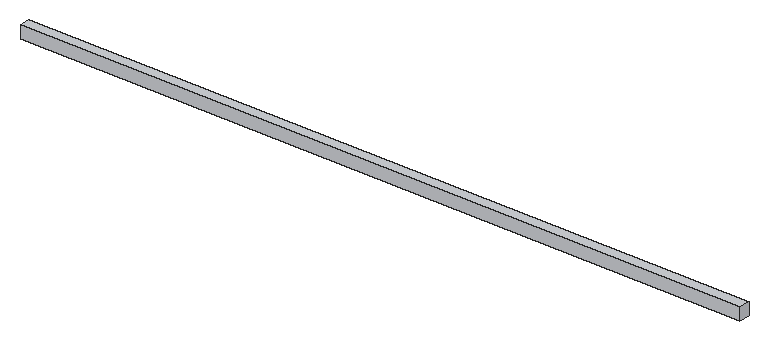
Revit family "SUPERBRILLOSA DIFUSA 2216_S242300U.1_N.1", category Luminarias, Revit 2019
Family settings
  Cota de conector redondo = Diámetro de uso
  Tipo de pieza = Normal
  Se basa en plano de trabajo = Sí
  Siempre vertical = No
  Corte con vacíos al cargar = No
  Origen de luz = Sí
  Compartido = No
  Punto de cálculo de habitación = No
Parameters (values of type "SUPERBRILLOSA DIFUSA 2216_S242300U.1")
  Zone [instance] = ""
  Watt per fixture [instance] = (Longitud / 1000 mm) * (15)  # 15
  Wattage = 15 W
  built-in parameter 1150107 = 2700 (stored number, unit not read)
  Light Source Symbol Size = 609.6 mm
  built-in parameter 1150110 = 1 (stored number, unit not read)
  built-in parameter 1150109 = 1 (stored number, unit not read)
  built-in parameter 1150112 = 1 (stored number, unit not read)
  built-in parameter 1150113 = 1 (stored number, unit not read)
  built-in parameter 1114218 = 1 (stored number, unit not read)
  built-in parameter 1150137 = (empty or 0)
  built-in parameter 1150132 = (empty or 0)
  Modelo Lampara = ""
  Modelo = "S242300U.1"
  Marca = "BRILLANT"
  Longitud de línea de emisión = 600 mm
  Longitud [instance] = 1000 mm
  built-in parameter 1150105 = 396.3 (stored number, unit not read)
  built-in parameter 1150102 = (empty or 0)
  built-in parameter 1150106 = 3.963 (stored number, unit not read)
  Lumens = 1245 lm
  Color Filter = 16777215
  built-in parameter 1114217 = 1 (stored number, unit not read)
  built-in parameter 1150139 = (empty or 0)
  Fabricante = "BRILLANT"
  Default Elevation = 0 mm
  built-in parameter 1150104 = 7.711 (stored number, unit not read)
  Descripción = "TIRA LUMINOSA MONOCROMATICADE PCB BLANCO CON RECUBRIMIENTO DE PLASTICO CON UNA POTENCIA DE 15W/M, USO PARA EXTERIORES IP66, IRC 90,  TEMPERATURA EN BLANCO CALIDO 3000K, 1245 LUMENES/M, PRESENTACION DE 5M, CORTE 2.5CM, ALIMENTADO A 24V, REQUIERE ACCESORIOS."
  built-in parameter 1150115 = 1 (stored number, unit not read)
  built-in parameter 1150114 = 1 (stored number, unit not read)
  Costo USD_S242300 [instance] = (Longitud / 1000 mm) * (25)  # 25
  Comentarios de vataje = "24"
  built-in parameter 1150138 = (empty or 0)
  built-in parameter 1150134 = (empty or 0)
  Circuit [instance] = ""
  Dimming Lamp Color Temperature Shift = (empty or 0)
  built-in parameter 1150133 = 10 (stored number, unit not read)
Types (2, lengths in mm): name | built-in parameter 1150107 | Modelo | built-in parameter 1150105 | built-in parameter 1150106 | Lumens | built-in parameter 1150104 | Descripción | built-in parameter 1150134
  SUPERBRILLOSA DIFUSA 2216_S242300U.1 | 2700 (stored number, unit not read) | "S242300U.1" | 396.3 (stored number, unit not read) | 3.963 (stored number, unit not read) | 1245 lm | 7.711 (stored number, unit not read) | "TIRA LUMINOSA MONOCROMATICADE PCB BLANCO CON RECUBRIMIENTO DE PLASTICO CON UNA POTENCIA DE 15W/M, USO PARA EXTERIORES IP66, IRC 90,  TEMPERATURA EN BLANCO CALIDO 3000K, 1245 LUMENES/M, PRESENTACION DE 5M, CORTE 2.5CM, ALIMENTADO A 24V, REQUIERE ACCESORIOS." | (empty or 0)
  SUPERBRILLOSA DIFUSA 2216_S242300N.1 | 4000 (stored number, unit not read) | "S242300N.1" | 429.72 (stored number, unit not read) | 4.2972 (stored number, unit not read) | 1350 lm | 8.3613 (stored number, unit not read) | "TIRA LUMINOSA MONOCROMATICADE PCB BLANCO CON RECUBRIMIENTO DE PLASTICO CON UNA POTENCIA DE 15W/M, USO PARA EXTERIORES IP66, IRC 90,  TEMPERATURA EN BLANCO FRIO 4000K, 1350 LUMENES/M, PRESENTACION DE 5M, CORTE 2.5CM, ALIMENTADO A 24V, REQUIERE ACCESORIOS." | 12
Reference planes
  plane 1 "Centro (Frontal/Posterior)": y = 0
  plane 2: z = 0
  plane 3 "Centro (Izquierda/Derecha)": x = 0
  plane 4 "IZQ": x = -1000
  plane 5: z = 17
Forms (mm)
  Extrusion 1, solid
    sketch origin (0, 0, 0) x (1, 0, 0) y (0, 1, 0)
      loop
        line (-1000, 7) -> (-1000, -7) -> (0, -7) -> (0, 7) -> (-1000, 7)
    from 0 to 17
Dimensions and locks
  plane 5 to imposter light = 17 mm
  "Longitud": plane 4 "IZQ" to plane 3 "Centro (Izquierda/Derecha)"
  aligned and locked: level to plane 2
  aligned and locked: plane 4 "IZQ" to Extrusion 1
  aligned and locked: plane 5 to Extrusion 1
  aligned and locked: plane 3 "Centro (Izquierda/Derecha)" to Extrusion 1
Automatic sketch dimensions
  Extrusion 1 sketch curve to plane 4 "IZQ" = 0 mm
  Extrusion 1 sketch curve to plane 3 "Centro (Izquierda/Derecha)" = 0 mm
  plane 1 "Centro (Frontal/Posterior)" to Extrusion 1 sketch curve = 7 mm
  Extrusion 1 sketch curve to plane 1 "Centro (Frontal/Posterior)" = 7 mm
Connectors
  electrical at (0, 0, 8.5)
    settings: on Extrusion 1, index 1, voltage 24 V, apparent load 0 VA, apparent load phase1 0 VA, apparent load phase2 0 VA, apparent load phase3 0 VA, power factor 1, load classification "Otro", number of poles 1, system type 31, power factor state 1, is connector primary yes, connector utility no, sub classification motor no, connector description ""
